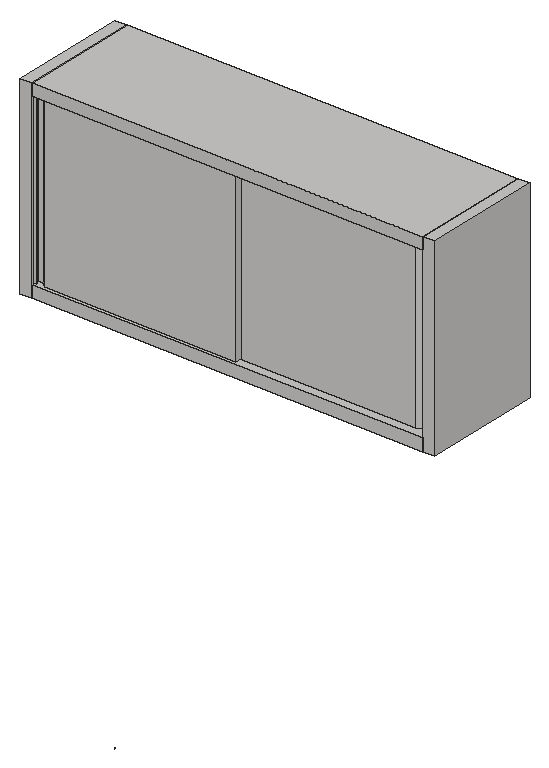
Revit family "QF_ELECTROLUXPROFESSIONAL_133211_PSS1400LCN", category Attrezzature speciali, Revit 2020
Family settings
  Quota connettore circolare = Usa diametro
  Tipo di parte = Normale
  Basato su piano di lavoro = No
  Sempre verticale = Sì
  Taglio con vuoti quando caricato = No
  Condiviso = No
  Punto di calcolo locali = No
Parameters (values of type "Standard")
  Weight = 31.00 kg
  Watts = 0 W
  Volts = 0 V
  URL Manufacturer = "https://www.electroluxprofessional.com/"
  URL = "https://www.electroluxprofessional.com/"
  Steam Supply Size = 0 mm
  Steam Supply Minimum Pressure = 0.0 Pa
  Steam Supply Maximum Pressure = 0.0 Pa
  Steam Consumption per Hour = 0
  Refrigeration Suction Line Size = 0.0 mm
  Refrigeration Liquid Line Size = 0.0 mm
  Refrigerant Compressor Remote = yes
  Prospetto di default = 0.0 mm
  Phase = 0
  Modello = "PSS1400LCN"
  Produttore = "Electrolux Professional"
  Length Actual = 1400.0 mm  # constant formula
  Item Number = "133211"
  Hot Water Size = 0 mm
  Height Actual = 650.0 mm  # constant formula
  HP = "0 HP"
  Gas Size = 0 mm
  Gas KW = 0
  Gas Input Pressure = 0 W
  Direct Waste Size = 0 mm
  Descrizione = "WALL CUPBOARD+ PLATE RACK 2 DOORS 1400MM"
  Depth Actual = 400.0 mm  # constant formula
  Cycle = 0 Hz
  Condensate Return Size = 0 mm
  Compressed Air Volume = 0.0 L/s
  Compressed Air Size = 0 mm
  Compressed Air Pressure = 0.0 Pa
  Cold Water Size = 0 mm
  Accessory = yes
Reference planes
  plane 1 "Center (Front/Back)": y = 0
  plane 2: z = 0
  plane 3 "Center (Left/Right)": x = -300
  plane 4 "LEFT": x = -1000
  plane 5 "RIGHT": x = 400
  plane 6 "BACK": y = 200
  plane 7 "FRONT": y = -200
  plane 8 "Base": z = 2200
  plane 9 "BASE": z = 1550
  plane 10: x = -960
  plane 11: x = 360
  plane 12: y = -197
  plane 13: y = 150
  plane 14: y = 197
Forms (mm)
  Extrusion 1, solid, material "QF_Finishes_Stainless Steel"
    sketch origin (0, 0, 1550) x (-1, 0, 0) y (0, -1, 0)
      loop
        line (1000, -200) -> (1000, 200) -> (960, 200) -> (960, -200) -> (1000, -200)
      loop
        line (-360, -200) -> (-360, 200) -> (-400, 200) -> (-400, -200) -> (-360, -200)
    from 0 to 650
  Extrusion 2, solid, material "QF_Finishes_Stainless Steel"
    sketch origin (0, 0, 1550) x (-1, 0, 0) y (0, -1, 0)
      loop
        line (960, -150) -> (960, 200) -> (-360, 200) -> (-360, -150) -> (960, -150)
    from 0 to 40
  Extrusion 3, solid, material "QF_Finishes_Stainless Steel"
    sketch origin (0, 0, 0) x (1, 0, 0) y (0, 1, 0)
      loop
        line (-960, -200) -> (360, -200) -> (360, 200) -> (-960, 200) -> (-960, -200)
    from 2160 to 2200
  Extrusion 4, solid, material "QF_Finishes_Stainless Steel"
    sketch origin (0, 0, 0) x (1, 0, 0) y (0, 1, 0)
      loop
        line (-273.481, -197) -> (-273.481, -177) -> (-957, -177) -> (-957, -197) -> (-947, -197) -> (-947, -194) -> (-954, -194) -> (-954, -182) -> (-937, -182) -> (-917, -197) -> (-273.481, -197)
    from 1597 to 2160
  Extrusion 5, solid, material "QF_Finishes_Stainless Steel"
    sketch origin (0, 0, 0) x (1, 0, 0) y (0, 1, 0)
      loop
        line (-326.5, -177) -> (317, -177) -> (337, -162) -> (354, -162) -> (354, -174) -> (347, -174) -> (347, -177) -> (357, -177) -> (357, -157) -> (-326.5, -157) -> (-326.5, -177)
    from 2160 to 1597
  Extrusion 6, solid, material "QF_Finishes_Stainless Steel"
    sketch origin (0, 0, 0) x (1, 0, 0) y (0, 1, 0)
      loop
        line (-273.481, 197) -> (-917, 197) -> (-937, 182) -> (-954, 182) -> (-954, 194) -> (-947, 194) -> (-947, 197) -> (-957, 197) -> (-957, 177) -> (-273.481, 177) -> (-273.481, 197)
    from 1597 to 2160
  Extrusion 7, solid, material "QF_Finishes_Stainless Steel"
    sketch origin (0, 0, 0) x (1, 0, 0) y (0, 1, 0)
      loop
        line (-326.5, 177) -> (-326.5, 157) -> (357, 157) -> (357, 177) -> (347, 177) -> (347, 174) -> (354, 174) -> (354, 162) -> (337, 162) -> (317, 177) -> (-326.5, 177)
    from 2160 to 1597
  Extrusion 8, solid, material "QF_Finishes_Stainless Steel"
    sketch origin (0, 0, 0) x (1, 0, 0) y (0, 1, 0)
      loop
        line (-1000, 200) -> (-1000, 199) -> (-999, 199) -> (-999, 200) -> (-1000, 200)
    from 0 to 1
Lines and regions (mm)
  symbolic lines, style "SpecialityEquipmentHiddenLines"
    curve 1: line (357, -157, 0) -> (-326.5, -157, 0)
    curve 2: line (-326.5, -157, 0) -> (-326.5, -177, 0)
    curve 3: line (317, -177, 0) -> (-957, -177, 0)
    curve 4: line (-273.5, -177, 0) -> (-273.5, -197, 0)
    curve 5: line (-957, -177, 0) -> (-957, -197, 0)
    curve 6: line (-937, -182, 0) -> (-954, -182, 0)
    curve 20: line (357, 157, 0) -> (-326.5, 157, 0)
    curve 21: line (-326.5, 157, 0) -> (-326.5, 177, 0)
    curve 22: line (317, 177, 0) -> (-957, 177, 0)
    curve 23: line (-273.5, 177, 0) -> (-273.5, 197, 0)
    curve 24: line (-957, 177, 0) -> (-957, 197, 0)
    curve 25: line (-937, 182, 0) -> (-954, 182, 0)
    curve 41: line (-917, -197, 0) -> (-273.5, -197, 0)
    curve 42: line (-957, -197, 0) -> (-947, -197, 0)
    curve 43: line (-947, 197, 0) -> (-957, 197, 0)
    curve 44: line (-917, 197, 0) -> (-273.5, 197, 0)
  symbolic lines
    curve 7: line (-1000, 200, 0) -> (400, -200, 0)
    curve 8: line (400, 200, 0) -> (-1000, -200, 0)
    curve 9: line (-937, -182, 0) -> (-917, -197, 0)
    curve 10: line (-954, -182, 0) -> (-954, -194, 0)
    curve 11: line (-954, -194, 0) -> (-947, -194, 0)
    curve 12: line (-947, -194, 0) -> (-947, -197, 0)
    curve 13: line (357, -157, 0) -> (357, -177, 0)
    curve 14: line (357, -177, 0) -> (347, -177, 0)
    curve 15: line (347, -177, 0) -> (347, -174, 0)
    curve 16: line (347, -174, 0) -> (354, -174, 0)
    curve 17: line (354, -174, 0) -> (354, -162, 0)
    curve 18: line (354, -162, 0) -> (337, -162, 0)
    curve 19: line (317, -177, 0) -> (337, -162, 0)
    curve 26: line (-937, 182, 0) -> (-917, 197, 0)
    curve 27: line (-954, 182, 0) -> (-954, 194, 0)
    curve 28: line (-954, 194, 0) -> (-947, 194, 0)
    curve 29: line (-947, 194, 0) -> (-947, 197, 0)
    curve 30: line (357, 157, 0) -> (357, 177, 0)
    curve 31: line (357, 177, 0) -> (347, 177, 0)
    curve 32: line (347, 177, 0) -> (347, 174, 0)
    curve 33: line (347, 174, 0) -> (354, 174, 0)
    curve 34: line (354, 174, 0) -> (354, 162, 0)
    curve 35: line (354, 162, 0) -> (337, 162, 0)
    curve 36: line (317, 177, 0) -> (337, 162, 0)
    curve 37: line (-1000, 200, 0) -> (400, 200, 0)
    curve 38: line (-1000, -200, 0) -> (-1000, 200, 0)
    curve 39: line (400, -200, 0) -> (-1000, -200, 0)
    curve 40: line (400, 200, 0) -> (400, -200, 0)
Dimensions and locks
  plane 4 "LEFT" to plane 5 "RIGHT" = 1400.0 mm
  equal spacing: plane 4 "LEFT", plane 3 "Center (Left/Right)", plane 5 "RIGHT"
  plane 6 "BACK" to plane 7 "FRONT" = 400.0 mm
  equal spacing: plane 6 "BACK", plane 1 "Center (Front/Back)", plane 7 "FRONT"
  plane 9 "BASE" to level = 1550.0 mm
  locked: plane 4 "LEFT" to plane 10 at 40
  locked: plane 11 to plane 5 "RIGHT" at 40
  plane 12 to plane 7 "FRONT" = 3.0 mm
  plane 6 "BACK" to plane 13 = 50.0 mm
  locked: plane 8 "Base" to plane 9 "BASE" at 650
  aligned and locked: level to plane 2
  aligned and locked: plane 8 "Base" to Extrusion 1
  aligned and locked: plane 6 "BACK" to Extrusion 1 sketch curve
  aligned and locked: Extrusion 1 sketch curve to plane 6 "BACK"
  aligned and locked: plane 7 "FRONT" to Extrusion 1 sketch curve
  aligned and locked: Extrusion 1 sketch curve to plane 7 "FRONT"
  aligned and locked: plane 10 to Extrusion 1
  aligned and locked: Extrusion 1 to plane 11
  aligned and locked: Extrusion 2 to plane 10
  aligned and locked: plane 11 to Extrusion 2
  aligned and locked: plane 8 "Base" to Extrusion 3
  aligned and locked: Extrusion 2 to plane 13
  aligned and locked: Extrusion 3 to plane 7 "FRONT"
  aligned and locked: Extrusion 2 to plane 7 "FRONT"
Automatic sketch dimensions
  Extrusion 1 sketch curve to plane 5 "RIGHT" = 0.0 mm
  Extrusion 1 sketch curve to plane 11 = 0.0 mm
  Extrusion 1 sketch curve to plane 10 = 0.0 mm
  Extrusion 1 sketch curve to plane 4 "LEFT" = 0.0 mm
  Extrusion 2 sketch curve to plane 11 = 0.0 mm
  Extrusion 2 sketch curve to plane 10 = 0.0 mm
  plane 13 to Extrusion 2 sketch curve = 0.0 mm
  Extrusion 2 sketch curve to plane 12 = 3.0 mm
  Extrusion 3 sketch curve to plane 10 = 0.0 mm
  Extrusion 3 sketch curve to plane 11 = 0.0 mm
  Extrusion 3 sketch curve to plane 12 = 3.0 mm
  Extrusion 3 sketch curve to plane 14 = 3.0 mm
  Extrusion 4 sketch curve to plane 12 = 0.0 mm  (x2)
  plane 10 to Extrusion 4 sketch curve = 3.0 mm
  Extrusion 4 sketch curve to Extrusion 4 sketch curve = 3.0 mm
  Extrusion 4 sketch curve to Extrusion 4 sketch curve = 7.0 mm
  Extrusion 4 sketch curve to Extrusion 4 sketch curve = 10.0 mm
  plane 3 "Center (Left/Right)" to Extrusion 4 sketch curve = 26.519 mm
  plane 12 to Extrusion 4 sketch curve = 3.0 mm
  Extrusion 4 sketch curve to Extrusion 4 sketch curve = 12.0 mm
  Extrusion 4 sketch curve to Extrusion 4 sketch curve = 20.0 mm  (x2)
  Extrusion 4 sketch curve to Extrusion 4 sketch curve = 0.0 mm
  Extrusion 5 sketch curve to plane 3 "Center (Left/Right)" = 26.5 mm
  plane 12 to Extrusion 5 sketch curve = 20.0 mm  (x2)
  Extrusion 5 sketch curve to plane 11 = 43.0 mm
  Extrusion 5 sketch curve to plane 11 = 23.0 mm
  Extrusion 5 sketch curve to plane 11 = 13.0 mm
  Extrusion 5 sketch curve to plane 11 = 6.0 mm
  Extrusion 5 sketch curve to plane 11 = 3.0 mm
  Extrusion 5 sketch curve to Extrusion 5 sketch curve = 3.0 mm
  Extrusion 5 sketch curve to Extrusion 5 sketch curve = 12.0 mm
  Extrusion 5 sketch curve to Extrusion 5 sketch curve = 20.0 mm
  plane 14 to Extrusion 6 sketch curve = 0.0 mm  (x2)
  Extrusion 6 sketch curve to plane 10 = 3.0 mm
  Extrusion 6 sketch curve to Extrusion 6 sketch curve = 3.0 mm
  Extrusion 6 sketch curve to Extrusion 6 sketch curve = 7.0 mm
  Extrusion 6 sketch curve to Extrusion 6 sketch curve = 10.0 mm
  Extrusion 6 sketch curve to plane 3 "Center (Left/Right)" = 26.519 mm
  Extrusion 6 sketch curve to plane 14 = 3.0 mm
  Extrusion 6 sketch curve to Extrusion 6 sketch curve = 12.0 mm
  Extrusion 6 sketch curve to Extrusion 6 sketch curve = 20.0 mm  (x2)
  Extrusion 6 sketch curve to Extrusion 6 sketch curve = 0.0 mm
  plane 3 "Center (Left/Right)" to Extrusion 7 sketch curve = 26.5 mm
  Extrusion 7 sketch curve to plane 14 = 20.0 mm  (x2)
  plane 11 to Extrusion 7 sketch curve = 43.0 mm
  plane 11 to Extrusion 7 sketch curve = 23.0 mm
  plane 11 to Extrusion 7 sketch curve = 13.0 mm
  plane 11 to Extrusion 7 sketch curve = 6.0 mm
  plane 11 to Extrusion 7 sketch curve = 3.0 mm
  Extrusion 7 sketch curve to Extrusion 7 sketch curve = 3.0 mm
  Extrusion 7 sketch curve to Extrusion 7 sketch curve = 12.0 mm
  plane 13 to Extrusion 7 sketch curve = 7.0 mm
  Extrusion 8 sketch curve to plane 6 "BACK" = 0.0 mm
  Extrusion 8 sketch curve to plane 4 "LEFT" = 0.0 mm
  plane 4 "LEFT" to Extrusion 8 sketch curve = 1.0 mm
  Extrusion 8 sketch curve to plane 6 "BACK" = 1.0 mm
  curve 39 to plane 4 "LEFT" = 0.0 mm
  curve 5 to plane 12 = 0.0 mm
  plane 14 to curve 24 = 0.0 mm
  curve 41 to plane 12 = 0.0 mm
  plane 14 to curve 26 = 0.0 mm
  curve 40 to plane 5 "RIGHT" = 0.0 mm
  curve 7 to plane 7 "FRONT" = 0.0 mm
  curve 7 to plane 6 "BACK" = 0.0 mm
  plane 10 to curve 24 = 3.0 mm
  plane 10 to curve 5 = 3.0 mm
  curve 24 to curve 27 = 3.0 mm
  curve 3 to curve 6 = 3.0 mm
  plane 12 to curve 12 = 3.0 mm
  curve 10 to curve 12 = 7.0 mm
  curve 27 to curve 29 = 7.0 mm
  curve 12 to curve 41 = 30.0 mm
  curve 29 to curve 26 = 30.0 mm
  curve 1 to plane 3 "Center (Left/Right)" = 26.5 mm
  curve 20 to plane 13 = 7.0 mm
  curve 20 to plane 3 "Center (Left/Right)" = 26.5 mm
  plane 3 "Center (Left/Right)" to curve 23 = 26.5 mm
  plane 3 "Center (Left/Right)" to curve 41 = 26.5 mm
  plane 12 to curve 3 = 20.0 mm
  curve 3 to plane 11 = 43.0 mm
  plane 14 to curve 36 = 20.0 mm
  curve 36 to plane 11 = 43.0 mm
  curve 36 to plane 11 = 23.0 mm
  curve 18 to plane 11 = 23.0 mm
  curve 14 to plane 11 = 13.0 mm
  curve 31 to plane 11 = 13.0 mm
  curve 34 to plane 11 = 6.0 mm
  curve 17 to plane 11 = 6.0 mm
  curve 31 to plane 11 = 3.0 mm
  curve 13 to plane 11 = 3.0 mm
  curve 6 to curve 3 = 5.0 mm
  plane 12 to curve 13 = 20.0 mm
  curve 14 to curve 16 = 3.0 mm
  curve 15 to curve 19 = 12.0 mm
  curve 2 to curve 2 = 20.0 mm
  curve 20 to curve 35 = 5.0 mm
  curve 34 to curve 33 = 12.0 mm
  curve 33 to curve 30 = 3.0 mm
  curve 22 to curve 25 = 5.0 mm
  plane 14 to curve 28 = 3.0 mm
  plane 14 to curve 26 = 15.0 mm
  plane 12 to curve 9 = 15.0 mm
